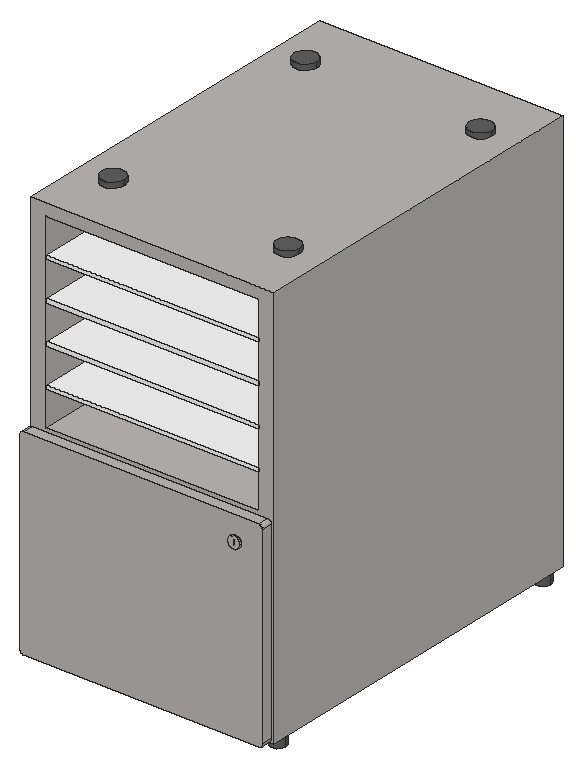
Revit family "Storage-Freestanding-Teknion-JNFPS-Pedestal-R2015", category Furniture, Revit 2015
Parameters (values of type "Solid")
  Width = 16.130"  # constant formula
  Warranty = "http://www.teknion.com/ca/papers/legal-canada"
  Unit Weight URL = "http://www.teknion.com/ca/tools/assets#&asset=bee6a381-b954-425e-8283-5a2de3a804f2,f828d448-4b62-4231-9e5f-9a8991c0ed77"
  Unit Finish [instance] = Source Laminate - Teknion - XS - Storm White
  URL = "www.teknion.com"
  True Depth [instance] = if((Depth = 18.000"), 17.102", if((Depth = 24.000"), 24.000", 30.000"))  # 24.000"
  Top Worksurface Supports [instance] = if(or(Depth = 30.000", Depth = 24.000"), 2.250", 4.500")  # 2.250"
  Sustainability Data = "http://www.teknion.com/ca/tools/assets#&topic=216f99a5-57a0-44fc-b10a-9dee9b29ae4c&asset=444deb64-fe58-4b68-981e-f75e97781df7"
  Shelves, File Configuration [instance] = yes
  Shelf Finish [instance] = Mica - Teknion - V - Satin - Very White
  Series = "expansion cityline"  # constant formula
  Product Page URL = "http://www.teknion.com/ca/products/product-details?productlineid=9ad2a26e-8e7a-673b-a6c8-ff05004460c4"
  Product Line = "expansion cityline"  # constant formula
  Product Documentation Link = "http://www.teknion.com/pricing/expansion-cityline/pdfs/JNFPS_ppg.pdf"
  Part Number = "JNFPS"  # constant formula
  Open, File Configuration [instance] = no
  Model = "JNFPSS__1624_"
  Manufacturer Phone = "416-661-3370"  # constant formula
  Manufacturer Fax = "416.661.4586"  # constant formula
  Manufacturer Contact Information = "http://www.teknion.com/ca/contactus"
  Manufacturer Address = "1150 Flint Road, Toronto, ON. M3J 2J5. Canada"  # constant formula
  Manufacturer = "Teknion"  # constant formula
  Lock Position Top [instance] = or([Box, Box, File Configuration], [File, File Configuration])  # no
  Lock Position Bottom [instance] = not(Lock Position Top)  # yes
  Lock Depth = -0.100"  # constant formula
  Height = 27.480"  # constant formula
  Front Finish = Source Laminate - Teknion - XS - Storm White
  Front Case Thickness = 0.701"
  Freestanding Application [instance] = not(Attached to Worksurface Application)  # no
  File, File Configuration [instance] = no
  Description = "Pedestal - Solid Front Case -W16\" x H24\""
  Depth Availability [instance] = "18, 24, or 30 Inches. 18 Inches unavailable if Freestanding specified"  # constant formula
  Depth [instance] = 24.000"
  Remove Top Drawer [instance] = if(or([Open, File Configuration], [Shelves, File Configuration]), -13.380", 0.100")  # -13.380"
  Cut Top Drawer [instance] = if(not([File, File Configuration]), 0.900", 0.197")  # 0.900"
  Configuration Note [instance] = " Select one of the following configurations. Default configuration is [Box, Box, File}."  # constant formula
  Box, Box, File Configuration [instance] = not(or([File, File Configuration], [Open, File Configuration], [Shelves, File Configuration]))  # no
  Attached to Worksurface Application [instance] = yes
  Assembly Code = "E2020200"
Types (3): name | True Depth | Top Worksurface Supports | Shelves, File Configuration | Model | Lock Position Top | Lock Position Bottom | Front Finish | Front Case Thickness | Description | Depth | Remove Top Drawer | Box, Box, File Configuration
  (no name) | 24.000" | 2.250" | yes | "JNFPSS__1624_" | no | yes | Source Laminate - Teknion - XS - Storm White | 0.701" | "Pedestal - Solid Front Case -W16\" x H24\"" | 24.000" | -13.380" | no
  Metal | 17.102" | 4.500" | no | "JNFPSM__1624_" | yes | no | Mica - Teknion - V - Satin - Very White | 0.118" | "Pedestal - Metal Front Case -W16\" x H24\"" | 18.000" | 0.100" | yes
  Solid | 24.000" | 2.250" | yes | "JNFPSS__1624_" | no | yes | Source Laminate - Teknion - XS - Storm White | 0.701" | "Pedestal - Solid Front Case -W16\" x H24\"" | 24.000" | -13.380" | no
Reference planes (in)
  plane 1 "Center Front/Back": y = 0
  plane 2: z = 0
  plane 3 "Center Left/Right": x = 0
  plane 4 "Left": x = -8.065
  plane 5 "Right": x = 8.065
  plane 6 "Back": y = 12
  plane 7 "Front": y = -12
  plane 8 "Top": z = 27.48
  plane 9: z = 27.81
  plane 10 "Bottom of Unit": z = 0.6024
  plane 11 "Bottom of Cutout": z = 14.1
  plane 12 "Top of cutout": z = 26.74
  plane 13: y = 11.26
  plane 14 "Interior Sweep Plane": x = -7.049
  plane 15: x = 7.049
  plane 16 "Back of Front Case": y = -12.197
  plane 17 "Front of Front Case": y = -12.898
  plane 18 "Bottom of Front Case": z = 0.7204
  plane 19 "Top of Front Case": z = 27.362
  plane 20: z = 20.79
Forms (in)
  Extrusion 1, solid, material "Source Laminate - Teknion - XS - Storm White" <- "Unit Finish"
    sketch origin (0, 0, 0.6024) x (-1, 0, 0) y (0, -1, 0)
      loop
        line (8.065, -12) -> (8.065, 12) -> (-8.065, 12) -> (-8.065, -12) -> (8.065, -12)
    from 0 to 26.8776
  Extrusion 2, void
    sketch origin (0, 0, 14.1) x (-1, 0, 0) y (0, -1, 0)
      loop
        line (7.049, -11.26) -> (7.049, 12) -> (-7.049, 12) -> (-7.049, -11.26) -> (7.049, -11.26)
    from 0 to 12.64
  Extrusion 3, solid, material "Plastic - Teknion - 52 - Ebony"
    sketch origin (0, 0, 0) x (1, 0, 0) y (0, 1, 0)
      loop
        circle (-7.558, 11) r 0.5
      loop
        circle (7.558, 11) r 0.5
      loop
        circle (-7.558, -11) r 0.5
      loop
        circle (7.558, -11) r 0.5
    from 0 to 0.6024
  Extrusion 4, solid, material "Source Laminate - Teknion - XS - Storm White" <- "Front Finish"
    sketch origin (0, 0, 0.7204) x (-1, 0, 0) y (0, -1, 0)
      loop
        line (8.065, 12.197) -> (8.065, 12.898) -> (-8.065, 12.898) -> (-8.065, 12.197) -> (8.065, 12.197)
    from 0 to 26.6416
  Extrusion 5, void
    sketch origin (0, -12, 0) x (-1, 0, 0) y (0, 0, -1)
      loop
        line (8.565, -14.6) -> (8.565, -13.6) -> (8.065, -13.6) -> (8.065, -13.732)
        arc (8.065, -13.732) -> (7.9917767, -13.9087767) -> (7.815, -13.982) r 0.25
        line (7.815, -13.982) -> (-7.815, -13.982)
        arc (-7.815, -13.982) -> (-7.9917767, -13.9087767) -> (-8.065, -13.732) r 0.25
        line (-8.065, -13.732) -> (-8.065, -13.6) -> (-8.565, -13.6) -> (-8.565, -14.6) -> (-8.065, -14.6) -> (-8.065, -14.35)
        arc (-8.065, -14.35) -> (-7.9917767, -14.1732233) -> (-7.815, -14.1) r 0.25
        line (-7.815, -14.1) -> (7.815, -14.1)
        arc (7.815, -14.1) -> (7.9917767, -14.1732233) -> (8.065, -14.35) r 0.25
        line (8.065, -14.35) -> (8.065, -14.6) -> (8.565, -14.6)
      loop
        line (8.065, -1.2204) -> (8.565, -1.2204) -> (8.565, -0.2204) -> (8.065, -0.2204) -> (8.065, -0.3524)
        arc (8.065, -0.3524) -> (7.9917767, -0.5291767) -> (7.815, -0.6024) r 0.25
        line (7.815, -0.6024) -> (-7.815, -0.6024)
        arc (-7.815, -0.6024) -> (-7.9917767, -0.5291767) -> (-8.065, -0.3524) r 0.25
        line (-8.065, -0.3524) -> (-8.065, -0.2204) -> (-8.565, -0.2204) -> (-8.565, -1.2204) -> (-8.065, -1.2204) -> (-8.065, -0.9704)
        arc (-8.065, -0.9704) -> (-7.9917767, -0.7936233) -> (-7.815, -0.7204) r 0.25
        line (-7.815, -0.7204) -> (7.815, -0.7204)
        arc (7.815, -0.7204) -> (7.9917767, -0.7936233) -> (8.065, -0.9704) r 0.25
        line (8.065, -0.9704) -> (8.065, -1.2204)
      loop
        line (8.065, -27.98) -> (8.565, -27.98) -> (8.565, -26.98) -> (8.065, -26.98) -> (8.065, -27.112)
        arc (8.065, -27.112) -> (7.9917767, -27.2887767) -> (7.815, -27.362) r 0.25
        line (7.815, -27.362) -> (-7.815, -27.362)
        arc (-7.815, -27.362) -> (-7.9917767, -27.2887767) -> (-8.065, -27.112) r 0.25
        line (-8.065, -27.112) -> (-8.065, -26.98) -> (-8.565, -26.98) -> (-8.565, -27.98) -> (-8.065, -27.98) -> (-8.065, -27.73)
        arc (-8.065, -27.73) -> (-7.9917767, -27.5532233) -> (-7.815, -27.48) r 0.25
        line (-7.815, -27.48) -> (7.815, -27.48)
        arc (7.815, -27.48) -> (7.9917767, -27.5532233) -> (8.065, -27.73) r 0.25
        line (8.065, -27.73) -> (8.065, -27.98)
    from 0 to 0.898
  Extrusion 6, void
    sketch origin (0, -12, 0) x (-1, 0, 0) y (0, 0, -1)
      loop
        line (8.065, -21.29) -> (8.565, -21.29) -> (8.565, -20.29) -> (8.065, -20.29) -> (8.065, -20.422)
        arc (8.065, -20.422) -> (7.9917767, -20.5987767) -> (7.815, -20.672) r 0.25
        line (7.815, -20.672) -> (-7.815, -20.672)
        arc (-7.815, -20.672) -> (-7.9917767, -20.5987767) -> (-8.065, -20.422) r 0.25
        line (-8.065, -20.422) -> (-8.065, -20.29) -> (-8.565, -20.29) -> (-8.565, -21.29) -> (-8.065, -21.29) -> (-8.065, -21.04)
        arc (-8.065, -21.04) -> (-7.9917767, -20.8632233) -> (-7.815, -20.79) r 0.25
        line (-7.815, -20.79) -> (7.815, -20.79)
        arc (7.815, -20.79) -> (7.9917767, -20.8632233) -> (8.065, -21.04) r 0.25
        line (8.065, -21.04) -> (8.065, -21.29)
    from 0 to 0.9 <- "Cut Top Drawer"
  Extrusion 7, void
    sketch origin (0, 0, 27.48) x (-1, 0, 0) y (0, -1, 0)
      loop
        line (8.065, 12.197) -> (8.065, 12.898) -> (-8.065, 12.898) -> (-8.065, 12.197) -> (8.065, 12.197)
    from 0 to -13.38 <- "Remove Top Drawer"
  Extrusion 8, solid, material "Mica - Teknion - V - Satin - Very White" <- "Shelf Finish", visible <- "Shelves, File Configuration"
    sketch origin (-7.049, 0, 0) x (0, 1, 0) y (0, 0, 1)
      loop
        line (-12, 21.578) -> (4.362, 21.578) -> (4.362, 22.578) -> (4.3148, 22.578) -> (4.3148, 21.846) -> (-12, 21.846) -> (-12, 21.578)
      loop
        line (-12, 18.996) -> (4.362, 18.996) -> (4.362, 19.996) -> (4.3148, 19.996) -> (4.3148, 19.264) -> (-12, 19.264) -> (-12, 18.996)
      loop
        line (-12, 16.414) -> (4.362, 16.414) -> (4.362, 17.414) -> (4.3148, 17.414) -> (4.3148, 16.682) -> (-12, 16.682) -> (-12, 16.414)
      loop
        line (-12, 24.16) -> (4.362, 24.16) -> (4.362, 25.16) -> (4.3148, 25.16) -> (4.3148, 24.428) -> (-12, 24.428) -> (-12, 24.16)
    from 0 to 14.098
  Extrusion 9, solid, material "Plastic - Teknion - 52 - Ebony", visible <- "Attached to Worksurface Application"
    sketch origin (0, 0, 0) x (1, 0, 0) y (0, 1, 0)
      loop
        circle (-5.815, 8) r 0.75
      loop
        circle (5.815, 8) r 0.75
      loop
        circle (-5.815, -8) r 0.75
      loop
        circle (5.815, -8) r 0.75
    from 27.48 to 27.81
  Extrusion 10, solid, material "Source Laminate - Teknion - XS - Storm White" <- "Unit Finish", visible <- "Lock Position Top"
    sketch origin (0, -12.898, 0) x (-1, 0, 0) y (0, 0, 1)
      loop
        circle (-6.234, 25.787) r 0.3935742
      loop
        line (-6.1847874, 25.9742804) -> (-6.2832126, 25.9742804) -> (-6.2832126, 25.6002646) -> (-6.1847874, 25.6002646) -> (-6.1847874, 25.9742804)
    from 0 to -0.1 <- "Lock Depth"
  Extrusion 11, solid, material "Source Laminate - Teknion - XS - Storm White" <- "Unit Finish", visible <- "Lock Position Bottom"
    sketch origin (0, -12.898, 0) x (-1, 0, 0) y (0, 0, 1)
      loop
        circle (-6.234, 12.397) r 0.3935742
      loop
        line (-6.1847874, 12.5842804) -> (-6.2832126, 12.5842804) -> (-6.2832126, 12.2102646) -> (-6.1847874, 12.2102646) -> (-6.1847874, 12.5842804)
    from 0 to -0.1 <- "Lock Depth"
Cuts and joins
  Extrusion 2, Extrusion 6 cuts Extrusion 1
  Extrusion 5, Extrusion 6, Extrusion 7 cuts Extrusion 4
Lines and regions (in)
  Masking region 1
    outline origin (0, 0, 0) x (1, 0, 0) y (0, 1, 0)
      loop
        line (-8.065, 12) -> (-8.065, -12) -> (8.065, -12) -> (8.065, 12) -> (-8.065, 12)
      loop
        line (-8.065, -12.197) -> (-8.065, -12.898) -> (5.8409906, -12.898) -> (5.8409906, -12.998) -> (6.6282282, -12.998) -> (6.6282282, -12.898) -> (8.065, -12.898) -> (8.065, -12.197) -> (-8.065, -12.197)
  symbolic lines, visible <- "Attached to Worksurface Application"
    curve 1: arc (-5.065, 8, 0) -> (-5.815, 8.75, 0) -> (-6.565, 8, 0) r 0.75
    curve 2: arc (-6.565, 8, 0) -> (-5.815, 7.25, 0) -> (-5.065, 8, 0) r 0.75
    curve 3: arc (6.565, 8, 0) -> (5.815, 8.75, 0) -> (5.065, 8, 0) r 0.75
    curve 4: arc (5.065, 8, 0) -> (5.815, 7.25, 0) -> (6.565, 8, 0) r 0.75
    curve 5: arc (-5.065, -8, 0) -> (-5.815, -7.25, 0) -> (-6.565, -8, 0) r 0.75
    curve 6: arc (-6.565, -8, 0) -> (-5.815, -8.75, 0) -> (-5.065, -8, 0) r 0.75
    curve 7: arc (6.565, -8, 0) -> (5.815, -7.25, 0) -> (5.065, -8, 0) r 0.75
    curve 8: arc (5.065, -8, 0) -> (5.815, -8.75, 0) -> (6.565, -8, 0) r 0.75
  symbolic lines, style "FurnitureHiddenLines", detail levels medium+fine
    curve 9: line (7.049, 11.26, 0) -> (-7.049, 11.26, 0)
    curve 10: line (-7.049, 11.26, 27.48) -> (-7.049, -12, 27.48)
    curve 11: line (7.049, -12, 27.48) -> (7.049, 11.26, 27.48)
    curve 28: line (7.049, 4.362, 0) -> (-7.049, 4.362, 0)
  symbolic lines, style "FurnitureHiddenLines", detail levels fine
    curve 12: arc (8.058, 11, 27.48) -> (7.558, 11.5, 27.48) -> (7.058, 11, 27.48) r 0.5
    curve 13: arc (7.058, 11, 27.48) -> (7.558, 10.5, 27.48) -> (8.058, 11, 27.48) r 0.5
    curve 14: arc (8.058, -11, 27.48) -> (7.558, -10.5, 27.48) -> (7.058, -11, 27.48) r 0.5
    curve 15: arc (7.058, -11, 27.48) -> (7.558, -11.5, 27.48) -> (8.058, -11, 27.48) r 0.5
    curve 16: arc (-7.058, -11, 27.48) -> (-7.558, -10.5, 27.48) -> (-8.058, -11, 27.48) r 0.5
    curve 17: arc (-8.058, -11, 27.48) -> (-7.558, -11.5, 27.48) -> (-7.058, -11, 27.48) r 0.5
    curve 18: arc (-7.058, 11, 27.48) -> (-7.558, 11.5, 27.48) -> (-8.058, 11, 27.48) r 0.5
    curve 19: arc (-8.058, 11, 27.48) -> (-7.558, 10.5, 27.48) -> (-7.058, 11, 27.48) r 0.5
    curve 21: line (6.2832126, -12.898, 27.48) -> (6.2832126, -12.998, 27.48)
    curve 22: line (6.1847874, -12.998, 27.48) -> (6.1847874, -12.898, 27.48)
  symbolic lines, style "FurnitureHiddenLines", visible <- "Shelves, File Configuration", detail levels medium+fine
    curve 20: line (-7.049, 4.3148, 27.48) -> (7.049, 4.3148, 27.48)
  symbolic lines, style "Furniture"
    curve 23: line (5.8404258, -12.898, 27.48) -> (6.6282282, -12.898, 27.48)
  reference lines
    curve 24: line (-8.065, 12, 0) -> (8.065, 12, 0)
    curve 25: line (8.065, 12, 0) -> (8.065, -12.898, 0)
    curve 26: line (8.065, -12.898, 0) -> (-8.065, -12.898, 0)
    curve 27: line (-8.065, -12.898, 0) -> (-8.065, 12, 0)
Dimensions and locks (in)
  "Width": plane 4 "Left" to plane 5 "Right"
  "True Depth": plane 6 "Back" to plane 7 "Front"
  "Height": plane 8 "Top" to level
  equal spacing: plane 4 "Left", plane 3 "Center Left/Right", plane 5 "Right"
  equal spacing: plane 6 "Back", plane 1 "Center Front/Back", plane 7 "Front"
  locked: plane 9 to plane 8 "Top" at 0.33
  locked: plane 10 "Bottom of Unit" to level at 0.6024
  plane 12 "Top of cutout" to plane 11 "Bottom of Cutout" to level = 12.640" locked, 14.100" locked
  locked: plane 4 "Left" to plane 14 "Interior Sweep Plane" at 1.016
  locked: plane 15 to plane 5 "Right" at 1.016
  locked: plane 6 "Back" to plane 13 at 0.74
  locked: plane 6 "Back" to Extrusion 3 sketch curve at 1  (x2)
  locked: plane 7 "Front" to Extrusion 3 sketch curve at 1  (x2)
  locked: plane 4 "Left" to Extrusion 3 sketch curve at 0.507  (x2)
  locked: Extrusion 3 sketch curve to plane 5 "Right" at 0.507  (x2)
  locked: plane 16 "Back of Front Case" to plane 7 "Front" at 0.197
  "Front Case Thickness": plane 16 "Back of Front Case" to plane 17 "Front of Front Case"
  locked: plane 18 "Bottom of Front Case" to plane 10 "Bottom of Unit" at 0.118
  locked: plane 8 "Top" to plane 19 "Top of Front Case" at 0.118
  Extrusion 5 sketch curve to plane 11 "Bottom of Cutout" to Extrusion 5 sketch curve = 0.500" locked, 0.500" locked  (x2)
  locked: plane 5 "Right" to Extrusion 5 sketch curve at 0.5
  locked: Extrusion 5 sketch curve to Extrusion 5 sketch curve at 0.25  (x18)
  locked: plane 4 "Left" to Extrusion 5 sketch curve at 0.5
  locked: Extrusion 5 sketch curve to Extrusion 5 sketch curve at 0.118  (x3)
  Extrusion 5 sketch curve to Extrusion 5 sketch curve = 0.250"
  locked: Extrusion 5 sketch curve to Extrusion 5 sketch curve at 0.132  (x5)
  Extrusion 5 sketch curve to Extrusion 5 sketch curve = 0.132"
  Extrusion 5 sketch curve to plane 18 "Bottom of Front Case" to Extrusion 5 sketch curve = 0.500" locked, 0.500" locked  (x2)
  locked: Extrusion 5 sketch curve to Extrusion 5 sketch curve at 0.5  (x4)
  Extrusion 5 sketch curve to plane 8 "Top" to Extrusion 5 sketch curve = 0.500" locked, 0.500" locked  (x2)
  locked: plane 20 to plane 11 "Bottom of Cutout" at 6.69
  locked: Extrusion 6 sketch curve to Extrusion 6 sketch curve at 0.25  (x6)
  locked: Extrusion 6 sketch curve to Extrusion 6 sketch curve at 0.118
  locked: Extrusion 6 sketch curve to Extrusion 6 sketch curve at 0.132  (x2)
  locked: Extrusion 6 sketch curve to Extrusion 6 sketch curve at 0.5  (x2)
  Extrusion 6 sketch curve to plane 20 to Extrusion 6 sketch curve = 0.500" locked, 0.500" locked  (x2)
  locked: Extrusion 8 sketch curve to Extrusion 8 sketch curve at 1  (x4)
  locked: Extrusion 8 sketch curve to Extrusion 8 sketch curve at 0.0472  (x4)
  locked: Extrusion 8 sketch curve to Extrusion 8 sketch curve at 0.268  (x4)
  locked: Extrusion 8 sketch curve to Extrusion 8 sketch curve at 16.362  (x4)
  Extrusion 8 sketch curve to Extrusion 8 sketch curve to Extrusion 8 sketch curve to Extrusion 8 sketch curve to plane 11 "Bottom of Cutout" = 2.582" locked, 2.582" locked, 2.582" locked, 2.314" locked
  plane 6 "Back" to Extrusion 9 sketch curve = 4.000"  (x2)
  plane 7 "Front" to Extrusion 9 sketch curve = 4.000"  (x2)
  "Top Worksurface Supports": plane 4 "Left" to Extrusion 9 sketch curve  (x2)
  "Top Worksurface Supports": Extrusion 9 sketch curve to plane 5 "Right"  (x2)
  Extrusion 10 sketch curve to Extrusion 10 sketch curve to Extrusion 10 sketch curve = 0.04921" locked, 0.04921" locked
  Extrusion 10 sketch curve to Extrusion 10 sketch curve to Extrusion 10 sketch curve = 0.18728" locked, 0.18674" locked
  locked: plane 8 "Top" to Extrusion 10 sketch curve at 1.693
  locked: Extrusion 10 sketch curve to plane 5 "Right" at 1.831
  Extrusion 11 sketch curve to Extrusion 11 sketch curve to Extrusion 11 sketch curve = 0.04921" locked, 0.04921" locked
  Extrusion 11 sketch curve to Extrusion 11 sketch curve to Extrusion 11 sketch curve = 0.18728" locked, 0.18674" locked
  locked: plane 11 "Bottom of Cutout" to Extrusion 11 sketch curve at 1.703
  locked: Extrusion 11 sketch curve to plane 5 "Right" at 1.831
  Masking region 1 sketch curve to Masking region 1 sketch curve to plane 15 = 0.78724" locked, 0.42077" locked
  aligned and locked: level to plane 2
  aligned and locked: Extrusion 1 sketch curve to plane 6 "Back"
  aligned and locked: Extrusion 1 sketch curve to plane 5 "Right"
  aligned and locked: Extrusion 1 sketch curve to plane 7 "Front"
  aligned and locked: Extrusion 1 sketch curve to plane 4 "Left"
  aligned and locked: plane 8 "Top" to Extrusion 1
  aligned and locked: Extrusion 1 to plane 10 "Bottom of Unit"
  aligned and locked: Extrusion 2 sketch curve to plane 13
  aligned and locked: plane 14 "Interior Sweep Plane" to Extrusion 2 sketch curve
  aligned and locked: Extrusion 2 sketch curve to plane 7 "Front"
  aligned and locked: Extrusion 2 sketch curve to plane 15
  aligned and locked: Extrusion 2 to plane 11 "Bottom of Cutout"
  aligned and locked: plane 12 "Top of cutout" to Extrusion 2
  aligned and locked: Extrusion 3 to level
  aligned and locked: plane 10 "Bottom of Unit" to Extrusion 3
  aligned and locked: Extrusion 4 sketch curve to plane 16 "Back of Front Case"
  aligned and locked: Extrusion 4 sketch curve to plane 4 "Left"
  aligned and locked: plane 5 "Right" to Extrusion 4 sketch curve
  aligned and locked: plane 17 "Front of Front Case" to Extrusion 4 sketch curve
  aligned and locked: plane 19 "Top of Front Case" to Extrusion 4
  aligned and locked: Extrusion 4 to plane 18 "Bottom of Front Case"
  aligned and locked: plane 5 "Right" to Extrusion 5 sketch curve  (x4)
  aligned and locked: Extrusion 5 sketch curve to plane 4 "Left"  (x4)
  aligned and locked: Extrusion 5 to plane 17 "Front of Front Case"
  aligned and locked: Extrusion 5 to plane 7 "Front"
  aligned and locked: Extrusion 5 sketch curve to plane 18 "Bottom of Front Case"
  aligned and locked: Extrusion 5 sketch curve to plane 11 "Bottom of Cutout"
  aligned and locked: Extrusion 5 sketch curve to plane 8 "Top"
  aligned and locked: Extrusion 6 sketch curve to plane 20
  aligned and locked: Extrusion 6 to plane 7 "Front"
  aligned and locked: plane 5 "Right" to Extrusion 6 sketch curve  (x2)
  aligned and locked: Extrusion 6 sketch curve to plane 4 "Left"  (x2)
  aligned and locked: Extrusion 7 sketch curve to plane 16 "Back of Front Case"
  aligned and locked: Extrusion 7 sketch curve to plane 4 "Left"
  aligned and locked: plane 17 "Front of Front Case" to Extrusion 7 sketch curve
  aligned and locked: plane 5 "Right" to Extrusion 7 sketch curve
  aligned and locked: plane 8 "Top" to Extrusion 7
  aligned and locked: Extrusion 8 sketch curve to plane 7 "Front"  (x4)
  aligned and locked: plane 15 to Extrusion 8
  aligned and locked: Extrusion 8 to plane 14 "Interior Sweep Plane"
  aligned and locked: Extrusion 9 to plane 8 "Top"
  aligned and locked: plane 9 to Extrusion 9
  aligned and locked: plane 17 "Front of Front Case" to Extrusion 10
  aligned and locked: plane 17 "Front of Front Case" to Extrusion 11
  aligned and locked: Masking region 1 sketch curve to plane 4 "Left"  (x2)
  aligned and locked: Masking region 1 sketch curve to plane 6 "Back"
  aligned and locked: Masking region 1 sketch curve to plane 5 "Right"
  aligned and locked: Masking region 1 sketch curve to plane 7 "Front"
  aligned and locked: plane 17 "Front of Front Case" to Masking region 1 sketch curve
  aligned and locked: plane 5 "Right" to Masking region 1 sketch curve
  aligned and locked: Extrusion 10 to Masking region 1 sketch curve
  aligned and locked: curve 1 to Extrusion 9
  aligned and locked: curve 2 to Extrusion 9
  aligned and locked: curve 3 to Extrusion 9
  aligned and locked: curve 4 to Extrusion 9
  aligned and locked: curve 5 to Extrusion 9
  aligned and locked: curve 6 to Extrusion 9
  aligned and locked: curve 7 to Extrusion 9
  aligned and locked: curve 8 to Extrusion 9
  aligned and locked: plane 13 to curve 9
  aligned and locked: curve 12 to Extrusion 3
  aligned and locked: curve 13 to Extrusion 3
  aligned and locked: curve 14 to Extrusion 3
  aligned and locked: curve 15 to Extrusion 3
  aligned and locked: curve 16 to Extrusion 3
  aligned and locked: curve 17 to Extrusion 3
  aligned and locked: curve 18 to Extrusion 3
  aligned and locked: curve 19 to Extrusion 3
  aligned and locked: curve 21 to Extrusion 10
  aligned and locked: curve 22 to Extrusion 10
  aligned and locked: curve 23 to Extrusion 10
  aligned and locked: curve 24 to plane 6 "Back"
  aligned and locked: curve 25 to plane 5 "Right"
  aligned and locked: plane 17 "Front of Front Case" to curve 26
  aligned and locked: curve 27 to plane 4 "Left"
  aligned and locked: curve 20 to Extrusion 8
  aligned and locked: curve 28 to Extrusion 8
Automatic sketch dimensions
  plane 5 "Right" to Extrusion 5 sketch curve = 0.000"  (x2)
  Extrusion 5 sketch curve to plane 4 "Left" = 0.000"  (x2)
  Masking region 1 sketch curve to plane 17 "Front of Front Case" = 0.000"
  Masking region 1 sketch curve to plane 16 "Back of Front Case" = 0.000"
  plane 7 "Front" to curve 11 = 0.000"
  curve 11 to plane 15 = 0.000"
  curve 10 to plane 13 = 0.000"
  curve 10 to plane 14 "Interior Sweep Plane" = 0.000"
  curve 11 to plane 13 = 0.000"
  plane 7 "Front" to curve 10 = 0.000"
  curve 23 to curve 21 = 0.34502"
  curve 21 to curve 22 = 0.09843"
  curve 22 to curve 23 = 0.34436"
  curve 22 to curve 22 = 0.100"
  curve 22 to curve 21 = 0.000"
  curve 9 to plane 14 "Interior Sweep Plane" = 0.000"
  curve 28 to plane 14 "Interior Sweep Plane" = 0.000"
  curve 28 to plane 15 = 0.000"
  curve 9 to plane 15 = 0.000"
  radius of Extrusion 3 sketch curve = 0.500"  (x4)
  radius of Extrusion 10 sketch curve = 0.39357"
  radius of Extrusion 11 sketch curve = 0.39357"
  radius of Extrusion 9 sketch curve = 0.750"  (x4)
